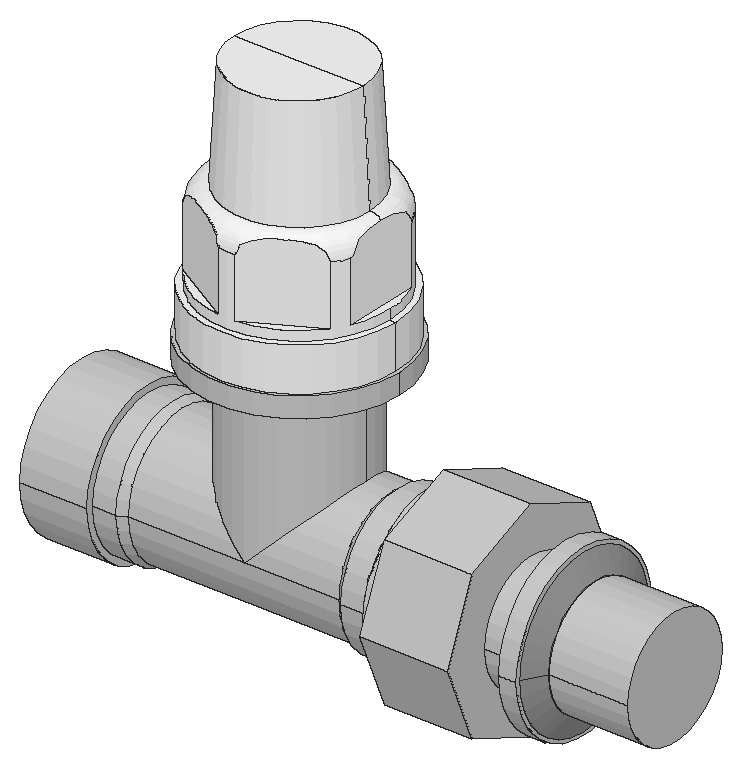
Revit family "PA_Арматура трубопроводов [клапан термостатический прямой, VT.032.NER]1 - VALTEC", category Арматура трубопроводов, Revit 2018
Family settings
  Размер круглого соединителя = Использовать диаметр
  Тип детали = Вставляется
  На основе рабочей плоскости = Нет
  Всегда вертикально = Да
  При загрузке вырезать с полостями = Нет
  Общий = Нет
Parameters (values of type "VT.032.NER")
  Таблица 1 = "PA_Арматура трубопроводов [клапан термостатический прямой, VT.032.NER] - VALTEC - Таблица 1"  # constant formula
  Материал доп.1 = Черный - VALTEC
  Изготовитель = "VALTEC"  # constant formula
  Головка термостатическая [instance] = Колпачок : Колпачок
  d8 [instance] = size_lookup(Таблица 1, "d8", 0 mm, D1, D2)  # 25.8 mm
  d7 [instance] = size_lookup(Таблица 1, "d7", 0 mm, D1, D2)  # 20.7 mm
  a9 [instance] = size_lookup(Таблица 1, "a9", 0 mm, D1, D2)  # 1.5 mm
  a8 [instance] = size_lookup(Таблица 1, "a8", 0 mm, D1, D2)  # 1.2 mm
  a7 [instance] = size_lookup(Таблица 1, "a7", 0 mm, D1, D2)  # 2.9 mm
  a6 [instance] = size_lookup(Таблица 1, "a6", 0 mm, D1, D2)  # 0.9 mm
  a5 [instance] = size_lookup(Таблица 1, "a5", 0 mm, D1, D2)  # 12 mm
  a13 [instance] = size_lookup(Таблица 1, "a13", 0 mm, D1, D2)  # 1.5 mm
  a12 [instance] = size_lookup(Таблица 1, "a12", 0 mm, D1, D2)  # 2.3 mm
  a11 [instance] = size_lookup(Таблица 1, "a11", 0 mm, D1, D2)  # 4.5 mm
  a10 [instance] = size_lookup(Таблица 1, "a10", 0 mm, D1, D2)  # 11.2 mm
  MM_Геометрия [instance] = if(Головка термостатическая = [1!!!НЕ ИЗМЕНЯТЬ!!!], MM_1!!!НЕ ИЗМЕНЯТЬ!!!, if(Головка термостатическая = [2!!!НЕ ИЗМЕНЯТЬ!!!], MM_2!!!НЕ ИЗМЕНЯТЬ!!!, if(Головка термостатическая = [3!!!НЕ ИЗМЕНЯТЬ!!!], MM_3!!!НЕ ИЗМЕНЯТЬ!!!, if(Головка термостатическая = [4!!!НЕ ИЗМЕНЯТЬ!!!], MM_4!!!НЕ ИЗМЕНЯТЬ!!!, if(Головка термостатическая = [5!!!НЕ ИЗМЕНЯТЬ!!!], MM_4!!!НЕ ИЗМЕНЯТЬ!!!, if(Головка термостатическая = [6!!!НЕ ИЗМЕНЯТЬ!!!], MM_5!!!НЕ ИЗМЕНЯТЬ!!!, if(Головка термостатическая = [7!!!НЕ ИЗМЕНЯТЬ!!!], MM_6!!!НЕ ИЗМЕНЯТЬ!!!, if(Головка термостатическая = [8!!!НЕ ИЗМЕНЯТЬ!!!], MM_6!!!НЕ ИЗМЕНЯТЬ!!!, if(Головка термостатическая = [9!!!НЕ ИЗМЕНЯТЬ!!!], MM_6!!!НЕ ИЗМЕНЯТЬ!!!, if(Головка термостатическая = [10!!!НЕ ИЗМЕНЯТЬ!!!], MM_6!!!НЕ ИЗМЕНЯТЬ!!!, if(Головка термостатическая = [11!!!НЕ ИЗМЕНЯТЬ!!!], MM_7!!!НЕ ИЗМЕНЯТЬ!!!, if(Головка термостатическая = [12!!!НЕ ИЗМЕНЯТЬ!!!], MM_7!!!НЕ ИЗМЕНЯТЬ!!!, if(Головка термостатическая = [13!!!НЕ ИЗМЕНЯТЬ!!!], MM_7!!!НЕ ИЗМЕНЯТЬ!!!, MM_8!!!НЕ ИЗМЕНЯТЬ!!!)))))))))))))  # MM_Обобщенные модели [колпачок, VT.031.NER] - VALTEC : VT.TE3042.0
  MM_8!!!НЕ ИЗМЕНЯТЬ!!! = MM_Обобщенные модели [колпачок, VT.031.NER] - VALTEC : VT.TE3042.0
  MM_7!!!НЕ ИЗМЕНЯТЬ!!! = MM_Обобщенные модели [сервопривод электрический, VT.TE3042] - VALTEC : VT.TE3042.0
  MM_6!!!НЕ ИЗМЕНЯТЬ!!! = MM_Обобщенные модели [сервопривод электрический, VT.TE3040] - VALTEC : VT.TE3040
  MM_5!!!НЕ ИЗМЕНЯТЬ!!! = MM_Обобщенные модели [cервопривод EQUICALOR, VT.AS1000] - VALTEC : VT.AS1000
  MM_4!!!НЕ ИЗМЕНЯТЬ!!! = MM_Обобщенные модели [головка термостатическая жидкостная, VT.5000.0] - VALTEC : VT.5000.0 - VT.5010.0
  MM_3!!!НЕ ИЗМЕНЯТЬ!!! = MM_Обобщенные модели [головка термостатическая жидкостная, VT.3000.0] - VALTEC : VT.3000.0
  MM_2!!!НЕ ИЗМЕНЯТЬ!!! = MM_Обобщенные модели [головка термостатическая жидкостная, VT.1500.0] - VALTEC : VT.1500.0
  MM_1!!!НЕ ИЗМЕНЯТЬ!!! = MM_Обобщенные модели [головка термостатическая твердотельная, VT.1000.0] - VALTEC : VT.1000.0
  ME_Информация [instance] = if(Головка термостатическая = [1!!!НЕ ИЗМЕНЯТЬ!!!], ME_1!!!НЕ ИЗМЕНЯТЬ!!!, if(Головка термостатическая = [2!!!НЕ ИЗМЕНЯТЬ!!!], ME_2!!!НЕ ИЗМЕНЯТЬ!!!, if(Головка термостатическая = [3!!!НЕ ИЗМЕНЯТЬ!!!], ME_3!!!НЕ ИЗМЕНЯТЬ!!!, if(Головка термостатическая = [4!!!НЕ ИЗМЕНЯТЬ!!!], ME_4!!!НЕ ИЗМЕНЯТЬ!!!, if(Головка термостатическая = [5!!!НЕ ИЗМЕНЯТЬ!!!], ME_5!!!НЕ ИЗМЕНЯТЬ!!!, if(Головка термостатическая = [6!!!НЕ ИЗМЕНЯТЬ!!!], ME_6!!!НЕ ИЗМЕНЯТЬ!!!, if(Головка термостатическая = [7!!!НЕ ИЗМЕНЯТЬ!!!], ME_7!!!НЕ ИЗМЕНЯТЬ!!!, if(Головка термостатическая = [8!!!НЕ ИЗМЕНЯТЬ!!!], ME_8!!!НЕ ИЗМЕНЯТЬ!!!, if(Головка термостатическая = [9!!!НЕ ИЗМЕНЯТЬ!!!], ME_9!!!НЕ ИЗМЕНЯТЬ!!!, if(Головка термостатическая = [10!!!НЕ ИЗМЕНЯТЬ!!!], ME_10!!!НЕ ИЗМЕНЯТЬ!!!, if(Головка термостатическая = [11!!!НЕ ИЗМЕНЯТЬ!!!], ME_11!!!НЕ ИЗМЕНЯТЬ!!!, if(Головка термостатическая = [12!!!НЕ ИЗМЕНЯТЬ!!!], ME_12!!!НЕ ИЗМЕНЯТЬ!!!, if(Головка термостатическая = [13!!!НЕ ИЗМЕНЯТЬ!!!], ME_13!!!НЕ ИЗМЕНЯТЬ!!!, ME_14!!!НЕ ИЗМЕНЯТЬ!!!)))))))))))))  # ME_Оборудование [колпачек] - VALTEC : ME_Оборудование [колпачек] - VALTEC
  ME_9!!!НЕ ИЗМЕНЯТЬ!!! = ME_Оборудование [сервопривод электрический, VT.TE3041.0.024] - VALTEC : ME_Оборудование [сервопривод электрический, VT.TE3041.0.024] - VALTEC
  ME_8!!!НЕ ИЗМЕНЯТЬ!!! = ME_Оборудование [сервопривод электрический, VT.TE3040.A.220] - VALTEC : ME_Оборудование [сервопривод электрический, VT.TE3040.A.220] - VALTEC
  ME_7!!!НЕ ИЗМЕНЯТЬ!!! = ME_Оборудование [сервопривод электрический, VT.TE3040.0.220] - VALTEC : ME_Оборудование [сервопривод электрический, VT.TE3040.0.220] - VALTEC
  ME_6!!!НЕ ИЗМЕНЯТЬ!!! = ME_Оборудование [cервопривод EQUICALOR, VT.AS1000] - VALTEC : ME_Оборудование [cервопривод EQUICALOR, VT.AS1000] - VALTEC
  ME_5!!!НЕ ИЗМЕНЯТЬ!!! = ME_Оборудование [головка термостатическая жидкостная, VT.5010.0] - VALTEC : ME_Оборудование [головка термостатическая жидкостная, VT.5010.0] - VALTEC
  ME_4!!!НЕ ИЗМЕНЯТЬ!!! = ME_Оборудование [головка термостатическая жидкостная, VT.5000.0] - VALTEC : ME_Оборудование [головка термостатическая жидкостная, VT.5000.0] - VALTEC
  ME_3!!!НЕ ИЗМЕНЯТЬ!!! = ME_Оборудование [головка термостатическая жидкостная, VT.3000.0] - VALTEC : ME_Оборудование [головка термостатическая жидкостная, VT.3000.0] - VALTEC
  ME_2!!!НЕ ИЗМЕНЯТЬ!!! = ME_Оборудование [головка термостатическая жидкостная, VT.1500.0] - VALTEC : ME_Оборудование [головка термостатическая жидкостная, VT.1500.0] - VALTEC
  ME_14!!!НЕ ИЗМЕНЯТЬ!!! = ME_Оборудование [колпачек] - VALTEC : ME_Оборудование [колпачек] - VALTEC
  ME_13!!!НЕ ИЗМЕНЯТЬ!!! = ME_Оборудование [сервопривод электрический, VT.TE3042.A.220] - VALTEC : ME_Оборудование [сервопривод электрический, VT.TE3042.A.220] - VALTEC
  ME_12!!!НЕ ИЗМЕНЯТЬ!!! = ME_Оборудование [сервопривод электрический, VT.TE3042.0.220] - VALTEC : ME_Оборудование [сервопривод электрический, VT.TE3042.0.220] - VALTEC
  ME_11!!!НЕ ИЗМЕНЯТЬ!!! = ME_Оборудование [сервопривод электрический, VT.TE3042.0.024] - VALTEC : ME_Оборудование [сервопривод электрический, VT.TE3042.0.024] - VALTEC
  ME_10!!!НЕ ИЗМЕНЯТЬ!!! = ME_Оборудование [сервопривод электрический, VT.TE3041.A.024] - VALTEC : ME_Оборудование [сервопривод электрический, VT.TE3041.A.024] - VALTEC
  ME_1!!!НЕ ИЗМЕНЯТЬ!!! = ME_Оборудование [головка термостатическая твердотельная, VT.1000.0] - VALTEC : ME_Оборудование [головка термостатическая твердотельная, VT.1000.0] - VALTEC
  D2 [instance] = 15 mm
  B [instance] = 56 mm
  b3 [instance] = size_lookup(Таблица 1, "b3", 0 mm, D1, D2)  # 2.6 mm
  b2 [instance] = size_lookup(Таблица 1, "b2", 0 mm, D1, D2)  # 2.3 mm
  d6 [instance] = size_lookup(Таблица 1, "d6", 0 mm, D1, D2)  # 21.6 mm
  d5 [instance] = size_lookup(Таблица 1, "d5", 0 mm, D1, D2)  # 26.7 mm
  d4 [instance] = size_lookup(Таблица 1, "d4", 0 mm, D1, D2)  # 22.1 mm
  d3 [instance] = size_lookup(Таблица 1, "d3", 0 mm, D1, D2)  # 18.8 mm
  d2 [instance] = size_lookup(Таблица 1, "d2", 0 mm, D1, D2)  # 17.4 mm
  d1 [instance] = size_lookup(Таблица 1, "d1", 0 mm, D1, D2)  # 18.4 mm
  D1 [instance] = 20 mm
  b1 [instance] = size_lookup(Таблица 1, "b1", 0 mm, D1, D2)  # 17.7 mm
  a4 [instance] = size_lookup(Таблица 1, "a4", 0 mm, D1, D2)  # 15 mm
  a3 [instance] = size_lookup(Таблица 1, "a3", 0 mm, D1, D2)  # 1.1 mm
  a2 [instance] = size_lookup(Таблица 1, "a2", 0 mm, D1, D2)  # 3.1 mm
  a1 [instance] = size_lookup(Таблица 1, "a1", 0 mm, D1, D2)  # 8.6 mm
  URL = "https://valtec.ru/"
  C [instance] = 0 mm
  ADSK_Расход жидкости [instance] = 0.0 L/s
  ADSK_Примечание [instance] = ""
  ADSK_Потеря давления жидкости [instance] = 0.0 Pa
  ADSK_Позиция [instance] = ""
  ADSK_Обозначение [instance] = "VT.032.NER"  # constant formula
  ADSK_Наименование [instance] = size_lookup(Таблица 1, "", "Данный типоразмер отсутствует", D1, D2)  # "Клапан термостатический угловой с самоуплотняющимся полусгоном и переходом на «евроконус» 3/4\"-1/2\""
  ADSK_Материал = Сталь, нержавеющая - VALTEC
  ADSK_Масса [instance] = 0.238  # constant formula
  ADSK_Марка [instance] = "VT.032.NER"  # constant formula
  ADSK_Код изделия [instance] = "VT.032.NER.04"  # constant formula
  ADSK_Завод-изготовитель [instance] = Изготовитель  # "VALTEC"
  ADSK_Единица измерения [instance] = "шт."  # constant formula
  ADSK_URL страницы изделия = "https://valtec.ru/catalog/radiatornaya_armatura/termostaticheskie_klapany_dlya_radiatorov/klapan_termostaticheskij_pryamoj_s_samouplotnyayushimsya_polusgonom_i_perehodom_na_evrokonus.html"
  ADSK_URL документации изделия = "https://valtec.ru/document/technical/VT.031-032-n-nr-ner-0119.pdf"
  A [instance] = 76 mm
  9!!!НЕ ИЗМЕНЯТЬ!!! = VT.TE3041.0.024 : VT.TE3041.0.024
  8!!!НЕ ИЗМЕНЯТЬ!!! = VT.TE3040.A.220 : VT.TE3040.A.220
  7!!!НЕ ИЗМЕНЯТЬ!!! = VT.TE3040.0.220 : VT.TE3040.0.220
  6!!!НЕ ИЗМЕНЯТЬ!!! = VT.AS1000 : VT.AS1000
  5!!!НЕ ИЗМЕНЯТЬ!!! = VT.5010.0.0 : VT.5010.0.0
  4!!!НЕ ИЗМЕНЯТЬ!!! = VT.5000.0.0 : VT.5000.0.0
  3!!!НЕ ИЗМЕНЯТЬ!!! = VT.3000.0.0 : VT.3000.0.0
  2!!!НЕ ИЗМЕНЯТЬ!!! = VT.1500.0.0 : VT.1500.0.0
  14!!!НЕ ИЗМЕНЯТЬ!!! = Колпачок : Колпачок
  13!!!НЕ ИЗМЕНЯТЬ!!! = VT.TE3042.A.220 : VT.TE3042.A.220
  12!!!НЕ ИЗМЕНЯТЬ!!! = VT.TE3042.0.220 : VT.TE3042.0.220
  11!!!НЕ ИЗМЕНЯТЬ!!! = VT.TE3042.0.024 : VT.TE3042.0.024
  10!!!НЕ ИЗМЕНЯТЬ!!! = VT.TE3041.A.024 : VT.TE3041.A.024
  1!!!НЕ ИЗМЕНЯТЬ!!! = VT.1000.0.0 : VT.1000.0.0
Reference planes
  plane 1 "По центру (Вперед/Назад)": y = 0
  plane 2: z = 0
  plane 3 "По центру (Влево/Вправо)": x = 0
  plane 4: z = 56
  plane 5: z = 17.7
  plane 6: z = 20
  plane 7: z = 22.6
  plane 8: x = -27.8
  plane 9: x = -19.2
  plane 10: x = -16.1
  plane 11: x = -15
  plane 12: x = 12
  plane 13: x = 12.9
  plane 14: x = 15.8
  plane 15: x = 17
  plane 16: x = 18.5
  plane 17: x = 29.7
  plane 18: x = 34.2
  plane 19: x = 36.5
  plane 20: x = 38
  plane 21: x = 48.2
Forms (mm)
  Extrusion 1, solid, material "Сталь, нержавеющая - VALTEC" <- "ADSK_Материал", detail levels medium+fine
    sketch origin (0, 0, 0) x (0, 1, 0) y (0, 0, 1)
      loop
        circle (0, 0) r 10
    from -27.8 to -19.2
  Extrusion 2, solid, material "Сталь, нержавеющая - VALTEC" <- "ADSK_Материал", detail levels medium+fine
    sketch origin (0, 0, 0) x (0, 1, 0) y (0, 0, 1)
      loop
        circle (0, 0) r 9.2
    from -16.1 to -19.2
  Blend 3, solid, material "Сталь, нержавеющая - VALTEC" <- "ADSK_Материал", detail levels medium+fine
    base sketch origin (0, 0, 0) x (0, 1, 0) y (0, 0, 1)
      loop
        circle (0, 0) r 9.2
    top sketch origin (0, 0, 0) x (0, 1, 0) y (0, 0, 1)
      loop
        circle (0, 0) r 8.7
    from -16.1 to -15
  Extrusion 4, solid, material "Сталь, нержавеющая - VALTEC" <- "ADSK_Материал", detail levels medium+fine
    sketch origin (0, 0, 0) x (0, 1, 0) y (0, 0, 1)
      loop
        circle (0, 0) r 8.7
    from -15 to 12
  Blend 5, solid, material "Сталь, нержавеющая - VALTEC" <- "ADSK_Материал", detail levels medium+fine
    base sketch origin (0, 0, 0) x (0, 1, 0) y (0, 0, 1)
      loop
        circle (0, 0) r 8.7
    top sketch origin (0, 0, 0) x (0, 1, 0) y (0, 0, 1)
      loop
        circle (0, 0) r 9.4
    from 12 to 12.9
  Extrusion 6, solid, material "Сталь, нержавеющая - VALTEC" <- "ADSK_Материал", detail levels medium+fine
    sketch origin (0, 0, 0) x (0, 1, 0) y (0, 0, 1)
      loop
        circle (0, 0) r 9.4
    from 12.9 to 15.8
  Blend 7, solid, material "Сталь, нержавеющая - VALTEC" <- "ADSK_Материал", detail levels medium+fine
    base sketch origin (0, 0, 0) x (0, 1, 0) y (0, 0, 1)
      loop
        circle (0, 0) r 9.4
    top sketch origin (0, 0, 0) x (0, 1, 0) y (0, 0, 1)
      loop
        circle (0, 0) r 11.05
    from 15.8 to 17
  Extrusion 8, solid, material "Сталь, нержавеющая - VALTEC" <- "ADSK_Материал", detail levels medium+fine
    sketch origin (0, 0, 0) x (0, 1, 0) y (0, 0, 1)
      loop
        circle (0, 0) r 11.05
    from 17 to 18.5
  Extrusion 9, solid, material "Сталь, нержавеющая - VALTEC" <- "ADSK_Материал", detail levels medium+fine
    sketch origin (0, 0, 0) x (0, 1, 0) y (0, 0, 1)
      loop
        circle (0, 0) r 7.5
    from 29.7 to 34.2
  Extrusion 10, solid, material "Сталь, нержавеющая - VALTEC" <- "ADSK_Материал", detail levels medium+fine
    sketch origin (0, 0, 0) x (0, 1, 0) y (0, 0, 1)
      loop
        circle (0, 0) r 7.5
    from 38 to 48.2
  Extrusion 11, solid, material "Сталь, нержавеющая - VALTEC" <- "ADSK_Материал", detail levels medium+fine
    sketch origin (0, 0, 0) x (0, 1, 0) y (0, 0, 1)
      loop
        circle (0, 0) r 10.8
    from 34.2 to 36.5
  Blend 12, solid, material "Черный - VALTEC" <- "Материал доп.1", detail levels medium+fine
    base sketch origin (0, 0, 0) x (0, 1, 0) y (0, 0, 1)
      loop
        circle (0, 0) r 10.35
    top sketch origin (0, 0, 0) x (0, 1, 0) y (0, 0, 1)
      loop
        circle (0, 0) r 7.5
    from 36.5 to 38
  Extrusion 13, solid, material "Сталь, нержавеющая - VALTEC" <- "ADSK_Материал", detail levels medium+fine
    sketch origin (0, 0, 0) x (1, 0, 0) y (0, 1, 0)
      loop
        circle (0, 0) r 8.7
    from 0 to 17.7
  Blend 14, solid, material "Сталь, нержавеющая - VALTEC" <- "ADSK_Материал", detail levels medium+fine
    base sketch origin (0, 0, 0) x (1, 0, 0) y (0, 1, 0)
      loop
        circle (0, 0) r 8.7
    top sketch origin (0, 0, 0) x (1, 0, 0) y (0, 1, 0)
      loop
        circle (0, 0) r 12.9
    from 17.7 to 20
  Extrusion 15, solid, material "Сталь, нержавеющая - VALTEC" <- "ADSK_Материал", detail levels medium+fine
    sketch origin (0, 0, 0) x (1, 0, 0) y (0, 1, 0)
      loop
        circle (0, 0) r 12.9
    from 20 to 22.6
Cuts and joins
  joined: Extrusion 1, Extrusion 2, Blend 3, Extrusion 4, Blend 5, Extrusion 6, Blend 7, Extrusion 8, Extrusion 9, Extrusion 10, Extrusion 11, Extrusion 13, Blend 14, Extrusion 15
Lines and regions (mm)
  reference lines
    curve 1: line (-19.2, 0, 0) -> (38, 0, 0)
  symbolic lines, detail levels coarse
    curve 2: line (-27.8, 0, 0) -> (-19.2, 0, 0)
    curve 3: line (9.4, 0, 56) -> (9.4, 0, 0)
    curve 4: line (38, 0, 0) -> (48.2, 0, 0)
    curve 5: line (-19.2, 0, 15) -> (38, 0, -15)
    curve 6: line (-19.2, 0, 15) -> (-19.2, 0, -15)
    curve 7: line (38, 0, 15) -> (38, 0, -15)
    curve 8: line (-19.2, 0, -15) -> (38, 0, 15)
    curve 9: line (9.4, 0, 0) -> (-0.6, 0, 17.321)
    curve 10: line (9.4, 0, 0) -> (19.4, 0, 17.321)
  model lines, detail levels coarse
    curve 11: line (9.4, 0, 0) -> (9.4, 56, 0)
    curve 12: line (9.4, 0, 0) -> (-0.6, 17.321, 0)
    curve 13: line (9.4, 0, 0) -> (19.4, 17.321, 0)
    curve 14: line (-19.2, 15, 0) -> (-19.2, -15, 0)
    curve 15: line (38, 15, 0) -> (38, -15, 0)
    curve 16: line (-19.2, -15, 0) -> (38, 15, 0)
    curve 17: line (38, -15, 0) -> (-19.2, 15, 0)
    curve 18: line (-27.8, 0, 0) -> (-19.2, 0, 0)
    curve 19: line (38, 0, 0) -> (48.2, 0, 0)
Dimensions and locks
  "b1": plane 5 to plane 2
  "b2": plane 6 to plane 5
  "b3": plane 7 to plane 6
  "B": plane 4 to plane 2
  "a1": plane 8 to plane 9
  "a2": plane 9 to plane 10
  "a3": plane 10 to plane 11
  "a4": plane 11 to plane 3 "По центру (Влево/Вправо)"
  "a5": plane 12 to plane 3 "По центру (Влево/Вправо)"
  "a6": plane 12 to plane 13
  "a8": plane 14 to plane 15
  "a9": plane 15 to plane 16
  "a10": plane 16 to plane 17
  "a11": plane 17 to plane 18
  "a12": plane 18 to plane 19
  "a13": plane 19 to plane 20
  "A": plane 8 to plane 21
  "a7": plane 13 to plane 14
  "D1": diameter of Extrusion 1 sketch curve
  "d1": diameter of Extrusion 2 sketch curve
  "d1": diameter of Blend 3 sketch curve
  "d2": diameter of Blend 3 sketch curve
  "d2": diameter of Extrusion 4 sketch curve
  "d2": diameter of Blend 5 sketch curve
  "d3": diameter of Blend 5 sketch curve
  "d3": diameter of Extrusion 6 sketch curve
  "d3": diameter of Blend 7 sketch curve
  "d4": diameter of Blend 7 sketch curve
  "d4": diameter of Extrusion 8 sketch curve
  "D2": diameter of Extrusion 9 sketch curve
  "D2": diameter of Extrusion 10 sketch curve
  "d6": diameter of Extrusion 11 sketch curve
  "d7": diameter of Blend 12 sketch curve
  "D2": diameter of Blend 12 sketch curve
  "d2": diameter of Extrusion 13 sketch curve
  "d2": diameter of Blend 14 sketch curve
  "d8": diameter of Blend 14 sketch curve
  "d8": diameter of Extrusion 15 sketch curve
  aligned and locked: level to plane 2
  aligned and locked: level to Extrusion 1 sketch curve
  aligned and locked: plane 1 "По центру (Вперед/Назад)" to Extrusion 1 sketch curve
  aligned and locked: level to Extrusion 2 sketch curve
  aligned and locked: plane 1 "По центру (Вперед/Назад)" to Extrusion 2 sketch curve
  aligned and locked: level to Blend 3 sketch curve  (x2)
  aligned and locked: plane 1 "По центру (Вперед/Назад)" to Blend 3 sketch curve  (x2)
  aligned and locked: plane 9 to Extrusion 2
  aligned and locked: Extrusion 2 to plane 10
  aligned and locked: plane 10 to Blend 3
  aligned and locked: Blend 3 to plane 11
  aligned and locked: Extrusion 1 to plane 9
  aligned and locked: plane 8 to Extrusion 1
  aligned and locked: level to Extrusion 4 sketch curve
  aligned and locked: plane 1 "По центру (Вперед/Назад)" to Extrusion 4 sketch curve
  aligned and locked: level to Blend 5 sketch curve  (x2)
  aligned and locked: plane 1 "По центру (Вперед/Назад)" to Blend 5 sketch curve  (x2)
  aligned and locked: plane 11 to Extrusion 4
  aligned and locked: Extrusion 4 to plane 12
  aligned and locked: plane 12 to Blend 5
  aligned and locked: Blend 5 to plane 13
  aligned and locked: level to Extrusion 6 sketch curve
  aligned and locked: plane 1 "По центру (Вперед/Назад)" to Extrusion 6 sketch curve
  aligned and locked: plane 13 to Extrusion 6
  aligned and locked: Extrusion 6 to plane 14
  aligned and locked: nested 1 to level
  aligned and locked: plane 16 to nested 1
  aligned and locked: level to Blend 7 sketch curve  (x2)
  aligned and locked: plane 1 "По центру (Вперед/Назад)" to Blend 7 sketch curve  (x2)
  aligned and locked: level to Extrusion 8 sketch curve
  aligned and locked: plane 1 "По центру (Вперед/Назад)" to Extrusion 8 sketch curve
  aligned and locked: plane 14 to Blend 7
  aligned and locked: Blend 7 to plane 15
  aligned and locked: plane 15 to Extrusion 8
  aligned and locked: Extrusion 8 to plane 16
  aligned and locked: plane 1 "По центру (Вперед/Назад)" to nested 1
  aligned and locked: plane 1 "По центру (Вперед/Назад)" to Extrusion 9 sketch curve
  aligned and locked: level to Extrusion 9 sketch curve
  aligned and locked: level to Extrusion 10 sketch curve
  aligned and locked: plane 1 "По центру (Вперед/Назад)" to Extrusion 10 sketch curve
  aligned and locked: level to Extrusion 11 sketch curve
  aligned and locked: plane 1 "По центру (Вперед/Назад)" to Extrusion 11 sketch curve
  aligned and locked: level to Blend 12 sketch curve  (x2)
  aligned and locked: plane 1 "По центру (Вперед/Назад)" to Blend 12 sketch curve  (x2)
  aligned and locked: plane 19 to Blend 12
  aligned and locked: Blend 12 to plane 20
  aligned and locked: plane 17 to Extrusion 9
  aligned and locked: plane 20 to Extrusion 10
  aligned and locked: plane 18 to Extrusion 11
  aligned and locked: Extrusion 11 to plane 19
  aligned and locked: Extrusion 9 to plane 18
  aligned and locked: Extrusion 10 to plane 21
  aligned and locked: plane 9 to curve 1
  aligned and locked: plane 20 to curve 1
  aligned and locked: curve 1 to level
  aligned and locked: plane 3 "По центру (Влево/Вправо)" to Extrusion 13 sketch curve
  aligned and locked: plane 1 "По центру (Вперед/Назад)" to Extrusion 13 sketch curve
  aligned and locked: plane 3 "По центру (Влево/Вправо)" to Blend 14 sketch curve  (x2)
  aligned and locked: plane 1 "По центру (Вперед/Назад)" to Blend 14 sketch curve  (x2)
  aligned and locked: plane 1 "По центру (Вперед/Назад)" to Extrusion 15 sketch curve
  aligned and locked: plane 3 "По центру (Влево/Вправо)" to Extrusion 15 sketch curve
  aligned and locked: Extrusion 15 to plane 6
  aligned and locked: Blend 14 to plane 5
  aligned and locked: Extrusion 13 to level
  aligned and locked: plane 5 to Extrusion 13
  aligned and locked: plane 6 to Blend 14
  aligned and locked: plane 7 to Extrusion 15
  aligned and locked: plane 8 to curve 2
  aligned and locked: plane 9 to curve 2
  aligned and locked: plane 20 to curve 4
  aligned and locked: plane 21 to curve 4
  aligned and locked: curve 4 to level
  aligned and locked: curve 2 to level
  aligned and locked: level to curve 3
  aligned and locked: plane 4 to curve 3
  aligned and locked: plane 9 to curve 6
  aligned and locked: plane 20 to curve 7
  aligned and locked: plane 9 to curve 18
  aligned and locked: plane 8 to curve 18
  aligned and locked: plane 20 to curve 19
  aligned and locked: plane 21 to curve 19
  aligned and locked: plane 1 "По центру (Вперед/Назад)" to curve 19
  aligned and locked: plane 1 "По центру (Вперед/Назад)" to curve 18
  aligned and locked: plane 1 "По центру (Вперед/Назад)" to nested 3
  aligned and locked: nested 3 to plane 3 "По центру (Влево/Вправо)"
  aligned and locked: nested 2 to plane 1 "По центру (Вперед/Назад)"
  aligned and locked: plane 3 "По центру (Влево/Вправо)" to nested 2
  aligned and locked: plane 7 to nested 2
Automatic sketch dimensions
  plane 12 to curve 10 = 2.6 mm
  curve 7 to curve 4 = 15 mm
  curve 8 to level = 15 mm
  curve 8 to plane 5 = 2.7 mm
  curve 9 to plane 3 "По центру (Влево/Вправо)" = 0.6 mm
  curve 10 to plane 5 = 0.379 mm
  curve 10 to plane 16 = 0.9 mm
  curve 9 to plane 5 = 0.379 mm
  plane 1 "По центру (Вперед/Назад)" to curve 14 = 15 mm
  plane 1 "По центру (Вперед/Назад)" to curve 17 = 15 mm
  curve 17 to plane 1 "По центру (Вперед/Назад)" = 15 mm
  curve 16 to plane 1 "По центру (Вперед/Назад)" = 15 mm
  curve 13 to curve 14 = 15 mm
  curve 13 to plane 8 = 47.2 mm
  curve 12 to curve 13 = 20 mm
  curve 11 to curve 12 = 17.321 mm
  curve 12 to curve 13 = 0 mm
  curve 13 to curve 11 = 38.679 mm
Nested families
  nested 1: "Гайка - горизонталь" at (24.1, 0, 0), d3 <- "d5", B <- "a10", ADSK_Материал <- "ADSK_Материал", type "Гайка - горизонталь", detail levels medium+fine
    with hr 24.668 mm, d3 26.7 mm, B 11.2 mm, ADSK_Материал Сталь, нержавеющая - VALTEC
  nested 2: "MM_Обобщенные модели [колпачок, VT.031.NER] - VALTEC" at (0, 0, 22.6), type <- "MM_Геометрия", type "VT.TE3042.0", detail levels medium+fine
  nested 3: "ME_Оборудование [колпачек] - VALTEC" at (0, 0, 0), type <- "ME_Информация", type "ME_Оборудование [колпачек] - VALTEC", detail levels medium
    with ADSK_Примечание "", ADSK_Позиция "", ADSK_Обозначение "VT.3000.0", ADSK_Наименование "Головка термостатическая жидкостная", ADSK_Масса 0, ADSK_Код изделия "VT.3000.0.0", ADSK_Завод-изготовитель "VALTEC", ADSK_Единица измерения "шт."
Connectors
  piping at (-19.2, 0, 0), diameter 20, driven by "D1", driven by "ADSK_Расход жидкости", driven by "ADSK_Потеря давления жидкости"
    settings: on curve 1, index 1, connector inside diameter 609.6 mm, connector length 0 mm, flow factor 0, pipe flow 0.0 L/s, pressure drop 0.0 Pa, fitting loss kfactor 0, connector angle 0.00°, fixture units 0, engagement length 0 mm, angle of deflection 0.00°, flow configuration 0, flow direction 1, fitting loss method 4, system type 7, joint type 0, gender type 0, connector reference index 2, connector utility 0, adjustable connector no, is connector primary yes, connector description ""
  piping at (38, 0, 0), diameter 15, driven by "D2", driven by "ADSK_Расход жидкости"
    settings: on curve 1, index 2, connector inside diameter 609.6 mm, connector length 0 mm, flow factor 0, pipe flow 0.0 L/s, pressure drop 0.0 Pa, fitting loss kfactor 0, connector angle 0.00°, fixture units 0, engagement length 0 mm, angle of deflection 0.00°, flow configuration 0, flow direction 2, fitting loss method 0, system type 7, joint type 0, gender type 0, connector reference index 1, connector utility 0, adjustable connector no, is connector primary no, connector description ""
Definition of nested family "Гайка - горизонталь"
  Parameters (values of type "Гайка - горизонталь")
    hr [instance] = d3 / 2 * cos(180.00° / 8) * 2  # 588.881 mm
    d3 [instance] = 637.4 mm
    B [instance] = 637.4 mm
    ADSK_Материал [instance] = none
  Reference planes
    plane 1 "По центру (Вперед/Назад)": y = 0
    plane 2: z = 0
    plane 3 "По центру (Влево/Вправо)": x = 0
    plane 4: y = 318.7
    plane 5: y = -318.7
    plane 6: through (0, -912.519, 2972.425) normal (0, -0.9239, -0.3827)
    plane 7: through (0, -1234.338, 2979.956) normal (0, -0.9239, -0.3827)
    plane 8: through (0, -1556.157, 2987.486) normal (0, -0.9239, -0.3827)
    plane 9: through (0, 1234.338, 2979.956) normal (0, -0.9239, 0.3827)
    plane 10: through (0, -2420.114, 1321.144) normal (0, -0.3827, -0.9239)
    plane 11: through (0, -2532.792, 1049.117) normal (0, -0.3827, -0.9239)
    plane 12: through (0, -2645.469, 777.089) normal (0, -0.3827, -0.9239)
    plane 13: through (0, 2420.114, 1321.144) normal (0, -0.3827, 0.9239)
    plane 14: through (0, 2532.792, 1049.117) normal (0, -0.3827, 0.9239)
    plane 15: through (0, 2645.469, 777.089) normal (0, -0.3827, 0.9239)
    plane 16: through (0, 912.519, 2972.425) normal (0, -0.9239, 0.3827)
    plane 17: through (0, 1234.338, 2979.956) normal (0, -0.9239, 0.3827)
    plane 18: through (0, 1556.157, 2987.486) normal (0, -0.9239, 0.3827)
    plane 19: x = 318.7
    plane 20: x = -318.7
  Forms (mm)
    Extrusion 1, solid, material <- "ADSK_Материал"
      sketch origin (0, 0, 0) x (0, 1, 0) y (0, 0, 1)
        loop
          line (0, 318.7) -> (-225.355, 225.355) -> (-318.7, 0) -> (-225.355, -225.355) -> (0, -318.7) -> (225.355, -225.355) -> (318.7, 0) -> (225.355, 225.355) -> (0, 318.7)
      from -318.7 to 318.7
  Dimensions and locks
    equal spacing: plane 4, plane 1 "По центру (Вперед/Назад)", plane 5
    "d3": plane 4 to plane 5
    equal spacing: plane 8, plane 7, plane 6
    "hr": plane 8 to plane 6
    equal spacing: plane 12, plane 11, plane 10
    "hr": plane 12 to plane 10
    equal spacing: plane 15, plane 14, plane 13
    "hr": plane 15 to plane 13
    equal spacing: plane 18, plane 17, plane 16
    "hr": plane 18 to plane 16
    equal spacing: plane 20, plane 3 "По центру (Влево/Вправо)", plane 19
    "B": plane 20 to plane 19
    aligned and locked: level to plane 2
    aligned and locked: plane 10 to Extrusion 1 sketch curve
    aligned and locked: plane 13 to Extrusion 1 sketch curve
    aligned and locked: plane 16 to Extrusion 1 sketch curve
    aligned and locked: Extrusion 1 sketch curve to plane 8
    aligned and locked: Extrusion 1 sketch curve to plane 12
    aligned and locked: Extrusion 1 sketch curve to plane 15
    aligned and locked: Extrusion 1 sketch curve to plane 18
    aligned and locked: plane 6 to Extrusion 1 sketch curve
    aligned and locked: plane 19 to Extrusion 1
    aligned and locked: plane 20 to Extrusion 1
    aligned and locked: Extrusion 1 to plane 19
Definition of nested family "MM_Обобщенные модели [колпачок, VT.031.NER] - VALTEC"
  Parameters (values of type "VT.TE3042.0")
    Manufacturer = ""
    URL = ""
    ADSK_Материал = none
  Reference planes
    plane 1 "По центру (Вперед/Назад)": y = 0
    plane 2: z = 0
    plane 3 "По центру (Влево/Вправо)": x = 0
    plane 4: z = 31.3
    plane 5: y = 5.5
    plane 6: y = -5.5
    plane 7: x = -12.45
    plane 8: z = 5.6
    plane 9: z = 17.2
    plane 10: x = -11.65
    plane 11: x = -9.05
    plane 12: x = -8.25
    plane 13: x = 12.45
    plane 14: x = 11.65
    plane 15: x = 9.05
    plane 16: x = 8.25
    plane 17: z = 6.832
  Forms (mm)
    Revolve 1, solid, material <- "ADSK_Материал"
      sketch origin (0, 0, 0) x (1, 0, 0) y (0, 0, 1)
        loop
          line (-8.25, 31.3) -> (-9.05, 17.2)
          arc (-9.05, 17.2) -> (-10.937, 16.382) -> (-11.65, 14.452) r 2.617
          line (-11.65, 14.452) -> (-11.65, 5.6) -> (-12.45, 5.6) -> (-12.45, 0) -> (0, 0) -> (0, 31.3) -> (-8.25, 31.3)
        axis (0, 31.3) -> (0, 0)
      angle from 0 to 360
    Extrusion 2, void
      sketch origin (0, 0, 0) x (1, 0, 0) y (0, 1, 0)
        loop
          line (-12.45, 5.5) -> (-12.45, -5.5) -> (-10.583, -5.5) -> (-10.583, 5.5) -> (-12.45, 5.5)
      from 6.832 to 17.2
    Extrusion 3, void
      sketch origin (0, 0, 0) x (0.5, -0.866025, 0) y (0.866025, 0.5, 0)
        loop
          line (-12.45, 5.5) -> (-12.45, -5.5) -> (-10.583, -5.5) -> (-10.583, 5.5) -> (-12.45, 5.5)
      from 6.832 to 17.2
    Extrusion 4, void
      sketch origin (0, 0, 0) x (-0.5, -0.866025, 0) y (0.866025, -0.5, 0)
        loop
          line (-12.45, 5.5) -> (-12.45, -5.5) -> (-10.583, -5.5) -> (-10.583, 5.5) -> (-12.45, 5.5)
      from 6.832 to 17.2
    Extrusion 5, void
      sketch origin (0, 0, 0) x (-1, 0, 0) y (0, -1, 0)
        loop
          line (-12.45, 5.5) -> (-12.45, -5.5) -> (-10.583, -5.5) -> (-10.583, 5.5) -> (-12.45, 5.5)
      from 6.832 to 17.2
    Extrusion 6, void
      sketch origin (0, 0, 0) x (-0.5, 0.866025, 0) y (-0.866025, -0.5, 0)
        loop
          line (-12.45, 5.5) -> (-12.45, -5.5) -> (-10.583, -5.5) -> (-10.583, 5.5) -> (-12.45, 5.5)
      from 6.832 to 17.2
    Extrusion 7, void
      sketch origin (0, 0, 0) x (0.5, 0.866025, 0) y (-0.866025, 0.5, 0)
        loop
          line (-12.45, 5.5) -> (-12.45, -5.5) -> (-10.583, -5.5) -> (-10.583, 5.5) -> (-12.45, 5.5)
      from 6.832 to 17.2
  Cuts and joins
    Extrusion 2, Extrusion 3, Extrusion 4, Extrusion 5, Extrusion 6, Extrusion 7 cuts Revolve 1
  Lines and regions (mm)
    reference lines
      curve 1: line (0, 0, 0) -> (0, 0, 25)
      curve 2: line (0, -12.5, 0) -> (0, 12.5, 0)
      curve 3: line (12.5, 0, 0) -> (-12.5, 0, 0)
  Dimensions and locks
    locked: plane 4 to plane 2 at 31.3
    plane 6 to plane 1 "По центру (Вперед/Назад)" to plane 5 = 5.5 mm locked, 5.5 mm locked
    locked: plane 8 to plane 2 at 5.6
    locked: plane 9 to plane 8 at 11.6
    plane 13 to plane 14 to plane 15 to plane 16 to plane 3 "По центру (Влево/Вправо)" to plane 12 to plane 11 to plane 10 to plane 7 = 0.8 mm locked, 2.6 mm locked, 0.8 mm locked, 8.25 mm locked, 8.25 mm locked, 0.8 mm locked, 2.6 mm locked, 0.8 mm locked
    locked: plane 17 to plane 8 at 1.232
    aligned and locked: level to plane 2
    aligned and locked: Revolve 1 sketch curve to plane 8
    aligned and locked: plane 10 to Revolve 1 sketch curve
    aligned and locked: plane 7 to Revolve 1 sketch curve
    aligned and locked: level to Revolve 1 sketch curve
    aligned and locked: Revolve 1 sketch curve to plane 3 "По центру (Влево/Вправо)"  (x2)
    aligned and locked: plane 12 to Revolve 1 sketch curve
    aligned and locked: Revolve 1 sketch curve to plane 4
    aligned and locked: Extrusion 2 to plane 17
Definition of nested family "ME_Оборудование [колпачек] - VALTEC"
  Parameters (values of type "ME_Оборудование [колпачек] - VALTEC")
    Manufacturer = "VALTEC"  # constant formula
    URL = "https://valtec.ru/"
    D = 10 mm  # constant formula
    ADSK_Примечание [instance] = ""
    ADSK_Позиция [instance] = ""
    ADSK_Обозначение [instance] = "VT.1000.0"
    ADSK_Наименование [instance] = "Головка термостатическая твердотельная "
    ADSK_Материал = none
    ADSK_Масса [instance] = 0
    ADSK_Код изделия [instance] = "VT.1000.0.0"
    ADSK_Завод-изготовитель [instance] = "VALTEC"  # constant formula
    ADSK_Единица измерения [instance] = "шт."  # constant formula
    ADSK_URL страницы изделия = "https://valtec.ru/catalog/elementy_avtomatiki/termogolovki_i_privody/golovka_termostaticheskaya_tverdotelnaya_vt10000.html"
    ADSK_URL документации изделия = "https://valtec.ru/document/technical/VT.1000-0916.pdf"
  Reference planes
    plane 1 "По центру (Вперед/Назад)": y = 0
    plane 2: z = 0
    plane 3 "По центру (Влево/Вправо)": x = 0
  Forms (mm)
    Revolve 1, solid, material <- "ADSK_Материал"
      sketch origin (0, 0, 0) x (1, 0, 0) y (0, 1, 0)
        loop
          line (0, -5) -> (0, 5)
          arc (0, 5) -> (-5, 0) -> (0, -5) r 5
        axis (0, 5) -> (0, -5)
      angle from 0 to 360
  Lines and regions (mm)
    reference lines
      curve 1: line (0, 5, 0) -> (0, -5, 0)
      curve 2: line (-5, 0, 0) -> (5, 0, 0)
      curve 3: line (0, 0, 5) -> (0, 0, -5)
  Dimensions and locks
    equal spacing: curve 1, plane 1 "По центру (Вперед/Назад)", curve 1
    "D": curve 1 to curve 1
    equal spacing: curve 2, plane 3 "По центру (Влево/Вправо)", curve 2
    "D": curve 2 to curve 2
    equal spacing: curve 3, level, curve 3
    "D": curve 3 to curve 3
    "D": diameter of Revolve 1 sketch curve
    aligned and locked: level to plane 2
    aligned and locked: curve 1 to plane 3 "По центру (Влево/Вправо)"
    aligned and locked: Revolve 1 sketch curve to plane 3 "По центру (Влево/Вправо)"  (x2)
    aligned and locked: plane 1 "По центру (Вперед/Назад)" to curve 2
    aligned and locked: curve 3 to plane 3 "По центру (Влево/Вправо)"
  Automatic sketch dimensions
    plane 1 "По центру (Вперед/Назад)" to Revolve 1 sketch curve = 0 mm
    Revolve 1 sketch curve to Revolve 1 sketch curve = 1995 mm  (x2)
